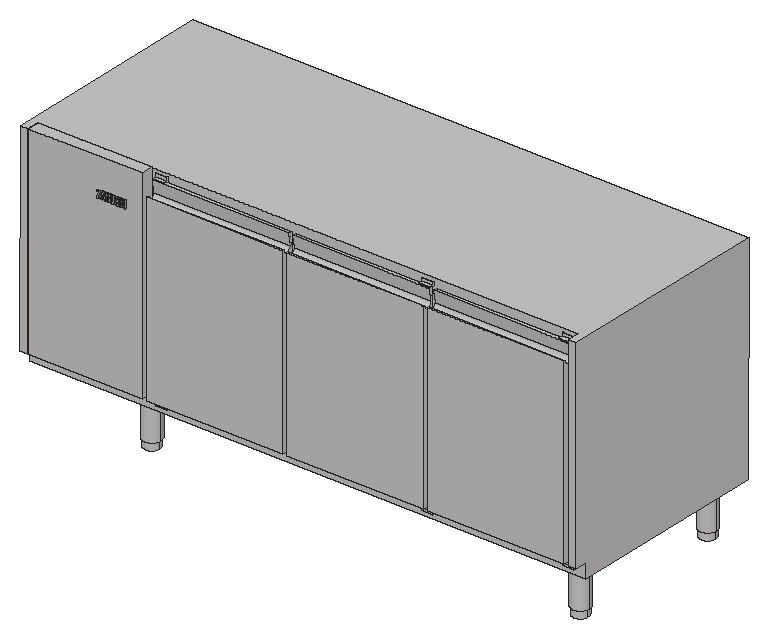
Revit family "QF_ZANUSSI_111036_ZH3H7AAA", category Specialty Equipment, Revit 2018
Family settings
  Round Connector Dimension = Use Diameter
  Part Type = Normal
  Work Plane-Based = No
  Always vertical = Yes
  Cut with Voids When Loaded = No
  Shared = No
  Room Calculation Point = No
Parameters
  Weight = 0.00 kg
  Watts = 0.0232258 W
  Volts = 220 V
  URL Manufacturer = "http://www.zanussiprofessional.com/"
  URL = "http://www.zanussiprofessional.com/"
  Steam Supply Size = 0 mm
  Steam Supply Minimum Pressure = 0.0 Pa
  Steam Supply Maximum Pressure = 0.0 Pa
  Steam Pounds per Hour = 0
  Show Logo [instance] = yes
  Show Clearance [instance] = yes
  Refrigeration Suction Line Size = 0 mm
  Refrigeration Liquid Line Size = 0 mm
  Refrigerant Compressor Remote = yes
  Manufacturer = "Zanussi"
  Phase = 1
  Model = "ZH3H7AAA"
  Length Actual = 1795 mm  # constant formula
  Item Number = "111036"
  Hot Water Size = 0 mm
  Height Actual = 850 mm  # constant formula
  HP = "0.3 HP"
  Gas Size = 0 mm
  Gas KW = 0
  Gas Input Pressure = 0 W
  Description = "3 DOORS REFRIGERATED TABLE 440L-NO TOP"
  Depth Actual = 700 mm  # constant formula
  Cycle = 50 Hz
  Condensate Return Size = 0 mm
  Compressed Air Volume = 0.0 L/s
  Compressed Air Size = 0 mm
  Compressed Air Pressure = 0.0 Pa
  Cold Water Size = 0 mm
  Accessory = yes
Reference planes
  plane 1 "Center X": y = 182.5
  plane 2: z = 0
  plane 3 "Center Y": x = -353.5
  plane 4: y = -62.5
  plane 5: y = 451.5
  plane 6 "BACK": y = 532.5
  plane 7 "FRONT": y = -167.5
  plane 8: x = -906
  plane 9: x = 478
  plane 10: z = 150
  plane 11 "TOP": z = 900
  plane 12: z = 850
  plane 13 "LEFT": x = -1251
  plane 14 "RIGHT": x = 544
Forms (mm)
  Extrusion 1, solid, material "QF_Finishes_Stainless Steel"
    sketch origin (-353.5, 2, 0) x (0, 1, 0) y (0, 0, 1)
      loop
        line (530.5, 150) -> (530.5, 850) -> (-124.5, 850) -> (-124.5, 150) -> (530.5, 150)
    from -897.5 to 897.5
  Extrusion 2, solid, material "QF_Finishes_Stainless Steel"
    sketch origin (-1022.223, -1524, 150) x (-1, 0, 0) y (0, -1, 0)
      loop
        line (228.777, -1361.5) -> (203.777, -1361.5) -> (203.777, -1401.5) -> (228.777, -1401.5) -> (228.777, -1361.5)
      loop
        line (-1566.223, -1401.5) -> (-1541.223, -1401.5) -> (-1541.223, -1361.5) -> (-1566.223, -1361.5) -> (-1566.223, -1401.5)
    from 47 to 700
  Extrusion 3, solid, material "QF_Finishes_Stainless Steel"
    sketch origin (0, 0, 900) x (-1, 0, 0) y (0, -1, 0)
      loop
        circle (170, -94.5) r 8.45
    from -790.577 to -750
  Extrusion 4, solid, material "QF_Finishes_Stainless Steel"
    sketch origin (0, 0, 0) x (1, 0, 0) y (0, 1, 0)
      loop
        circle (-1167, 451.5) r 4
    from 109.423 to 150
Cuts and joins
  joined: Extrusion 1, Extrusion 2
Lines and regions (mm)
  symbolic lines, style "SpecialityEquipmentHiddenLines"
    curve 1: line (-1251, -122.5, 900) -> (544, -122.5, 900)
    curve 2: line (-850, -162.5, 900) -> (-850, -122.5, 900)
    curve 3: line (-1251, 532.5, 900) -> (544, 532.5, 900)
    curve 4: line (-1251, 532.5, 900) -> (-1251, -162.5, 900)
    curve 5: line (-1251, -162.5, 900) -> (544, -162.5, 900)
    curve 6: line (544, -162.5, 900) -> (544, 532.5, 900)
Dimensions and locks
  locked: plane 6 "BACK" to plane 7 "FRONT" at 700
  equal spacing: plane 6 "BACK", plane 1 "Center X", plane 7 "FRONT"
  locked: plane 6 "BACK" to plane 5 at 81
  plane 10 to level = 150 mm
  plane 11 "TOP" to plane 12 to plane 10 = 50 mm locked, 700 mm locked
  locked: Extrusion 2 sketch curve to Extrusion 2 sketch curve at 25  (x2)
  locked: plane 4 to plane 7 "FRONT" at 105
  locked: plane 6 "BACK" to Extrusion 3 sketch curve at 438
  equal spacing: plane 13 "LEFT", plane 3 "Center Y", plane 14 "RIGHT"
  plane 13 "LEFT" to plane 14 "RIGHT" = 1795 mm
  locked: plane 13 "LEFT" to plane 8 at 345
  locked: plane 9 to plane 14 "RIGHT" at 66
  Extrusion 3 sketch curve to plane 14 "RIGHT" = 714 mm
  plane 13 "LEFT" to Extrusion 4 sketch curve = 84 mm
  locked: plane 6 "BACK" to Extrusion 4 sketch curve at 81
  locked: plane 10 to Extrusion 4 at 40.577
  aligned and locked: level to plane 2
  aligned and locked: plane 10 to Extrusion 3
  aligned and locked: nested 4 to plane 4
  aligned and locked: nested 1 to plane 4
  aligned and locked: nested 3 to plane 5
  aligned and locked: nested 2 to plane 5
  aligned and locked: plane 8 to nested 1
  aligned and locked: plane 8 to nested 2
  aligned and locked: plane 9 to nested 4
  aligned and locked: plane 9 to nested 3
  aligned and locked: Extrusion 1 to Extrusion 2
  aligned and locked: Extrusion 2 to Extrusion 1
  aligned and locked: Extrusion 2 sketch curve to plane 14 "RIGHT"
  aligned and locked: plane 13 "LEFT" to Extrusion 2 sketch curve
  aligned and locked: cut or joined group of Extrusion 1, Extrusion 2 to plane 10
  aligned and locked: plane 12 to cut or joined group of Extrusion 1, Extrusion 2
  aligned and locked: plane 10 to Extrusion 4
Automatic sketch dimensions
  curve 6 to plane 6 "BACK" = 0 mm
  curve 6 to plane 14 "RIGHT" = 0 mm
  plane 7 "FRONT" to curve 2 = 5 mm
  curve 5 to plane 13 "LEFT" = 0 mm
  plane 8 to curve 2 = 56 mm
  plane 7 "FRONT" to curve 1 = 45 mm
  Extrusion 1 sketch curve to plane 10 = 0 mm
  Extrusion 1 sketch curve to plane 12 = 0 mm
  Extrusion 1 sketch curve to plane 6 "BACK" = 0 mm
  plane 7 "FRONT" to Extrusion 1 sketch curve = 45 mm
  plane 7 "FRONT" to Extrusion 2 sketch curve = 45 mm  (x2)
  plane 7 "FRONT" to Extrusion 2 sketch curve = 5 mm  (x2)
  radius of Extrusion 3 sketch curve = 8.45 mm
  radius of Extrusion 4 sketch curve = 4 mm
Nested families
  nested 1: "Foot_Ø50_H150" at (-906, -62.5, 0), type "Foot_Ø50_H150"
  nested 2: "Foot_Ø50_H150" at (-906, 451.5, 0), type "Foot_Ø50_H150"
  nested 3: "Foot_Ø50_H150" at (478, 451.5, 0), type "Foot_Ø50_H150"
  nested 4: "Foot_Ø50_H150" at (478, -62.5, 0), type "Foot_Ø50_H150"
  nested 5: "Door" at (285, -164.5, 0), Show Clearance <- "Show Clearance", type "Door"
  nested 6: "Door" at (-169, -164.5, 0), Show Clearance <- "Show Clearance", type "Door"
  nested 7: "Refrigerator" at (544, -167.5, 900), type "Refrigerator"
  nested 8: "ZAN_Cooling Unit" at (-1041.5, -164.5, 0), Show Logo <- "Show Logo", type "ZAN_Cooling Unit"
  nested 9: "Door" at (-623, -164.5, 0) x (-1, 0, 0) z (0, 0, 1), Show Clearance <- "Show Clearance", type "Door"
Connectors
  electrical at (-1167, 451.5, 109.423), driven by "Volts"
    settings: on Extrusion 4, index 4, voltage 220 V, apparent load 0 VA, apparent load phase1 0 VA, apparent load phase2 0 VA, apparent load phase3 0 VA, power factor 1, load classification "Altro", number of poles 1, system type 30, power factor state 1, is connector primary yes, connector utility no, sub classification motor no, connector description "Electrical Connection"
  piping at (-170, 94.5, 109.423), diameter 17
    settings: on Extrusion 3, index 5, connector inside diameter 609.6 mm, connector length 0 mm, flow factor 0, pipe flow 0.0 L/s, pressure drop 0.0 Pa, fitting loss kfactor 0, connector angle 0.00°, fixture units 0, engagement length 0 mm, angle of deflection 0.00°, flow configuration 1, flow direction 2, fitting loss method 0, system type 16, joint type 0, gender type 0, connector reference index -1, connector utility 0, adjustable connector no, is connector primary yes, connector description "Drain"
Definition of nested family "Foot_Ø50_H150"
  Reference planes
    plane 1 "Centro (Fronte/Retro)": y = 0
    plane 2: z = 0
    plane 3 "Centro (Sinistra/Destra)": x = 0
    plane 4: z = 150
  Forms (mm)
    Revolve 1, solid
      sketch origin (255.05, 0, 608.09) x (0, 0, 1) y (-1, 0, 0)
        loop
          line (-608.09, 255.05) -> (-608.09, 230.05) -> (-583.09, 230.05) -> (-583.09, 226.05) -> (-458.09, 226.05) -> (-458.09, 255.05) -> (-608.09, 255.05)
        axis (-608.09, 255.05) -> (-458.09, 255.05)
      angle from 0 to 360
  Dimensions and locks
    locked: Revolve 1 sketch curve to Revolve 1 sketch curve at 125
    aligned and locked: level to plane 2
    aligned and locked: plane 4 to Revolve 1 sketch curve
    aligned and locked: Revolve 1 sketch curve to level
    aligned and locked: plane 3 "Centro (Sinistra/Destra)" to Revolve 1 sketch curve
Definition of nested family "Door"
  Parameters
    Show Clearance [instance] = yes
  Reference planes
    plane 1 "FRONT": y = -3
    plane 2: z = 0
    plane 3 "Centro (Sinistra/Destra)": x = 0
    plane 4: z = 150
    plane 5: z = 850
    plane 6: x = -234
    plane 7: x = 234
    plane 8: x = -220
    plane 9: x = 220
  Forms (mm)
    Extrusion 1, solid
      sketch origin (0, 53, 511) x (0, 0, 1) y (0, -1, 0)
        loop
          line (-323.003, 28.5) -> (-316.501, 28.5) -> (-316.501, 31) -> (-325.503, 31) -> (-325.503, 13.5) -> (-345.503, 13.5) -> (-345.503, 11) -> (-323.003, 11) -> (-323.003, 23.259) -> (-323.003, 28.5)
        loop
          line (-314, 27) -> (-316.501, 27) -> (-316.501, 18.501) -> (-319.752, 18.501) -> (-319.752, 16) -> (-314, 16) -> (-314, 27)
        loop
          line (315.003, 27) -> (315.003, 13.948) -> (315.003, 11) -> (327.503, 11) -> (327.503, 13.5) -> (317.503, 13.5) -> (317.503, 27) -> (315.003, 27)
      from 185 to 220
    Extrusion 2, solid, visible <- "Show Clearance", detail levels coarse
      sketch origin (0, 53, 511) x (0, -1, 0) y (1, 0, 0)
        loop
          line (51, 220) -> (51, -220)
          arc (51, -220) -> (339.234, -79.44) -> (454, 220) r 437.168
          line (454, 220) -> (51, 220)
      from -314 to 314
    Extrusion 3, solid
      sketch origin (0, 55, 511) x (0, 0, 1) y (0, -1, 0)
        loop
          line (314, 18) -> (314, 29) -> (274.395, 22.5)
          arc (274.395, 22.5) -> (260.395, 36.5) -> (274.395, 50.5) r 14
          line (274.395, 50.5) -> (274.395, 53) -> (-314, 53) -> (-314, 18) -> (314, 18)
      from -220 to 220
  Lines and regions (mm)
    symbolic lines
      curve 1: line (220, -3, 0) -> (220, -401, 0)
      curve 2: line (220, -401, 0) -> (185, -401, 0)
      curve 3: line (185, -401, 0) -> (185, -3, 0)
      curve 4: arc (-219.722, -3, 0) -> (-89.51, -275.368, 0) -> (185, -401, 0) r 442.855
  Dimensions and locks
    aligned and locked: level to plane 2
Definition of nested family "ZAN_Cooling Unit"
  Parameters
    Show Logo [instance] = yes
  Reference planes
    plane 1 "FRONT": y = -3
    plane 2: z = 0
    plane 3 "Centro (Sinistra/Destra)": x = 0
    plane 4: z = 150
    plane 5: z = 850
    plane 6: x = -184.5
    plane 7: x = 184.5
  Forms (mm)
    Extrusion 1, solid
      sketch origin (0, 55, 511) x (0, 0, 1) y (0, -1, 0)
        loop
          line (-314, 53) -> (-314, 13) -> (339, 13) -> (339, 53) -> (-314, 53)
      from -184.5 to 184.5
  Lines and regions (mm)
    Split face 1
      outline origin (0, 2, 197) x (0, 0, 1) y (-1, 0, 0)
        loop
          line (566.835, 184.5) -> (566.835, -184.5)
        loop
          line (521.835, 184.5) -> (521.835, -184.5)
    Split face 2
      outline origin (0, 2, 197) x (0, 0, 1) y (-1, 0, 0)
        loop
          arc (510.649, 158.547) -> (506.648, 162.548) -> (502.647, 158.547) r 4.001
          line (502.647, 158.547) -> (502.647, 116.535)
          arc (502.647, 116.535) -> (506.648, 112.533) -> (510.649, 116.535) r 4.001
          line (510.649, 116.535) -> (510.649, 158.547)
    Split face 3
      outline origin (0, 2, 184.996) x (0, 0, 1) y (-1, 0, 0)
        loop
          arc (510.649, 158.547) -> (506.648, 162.548) -> (502.647, 158.547) r 4.001
          line (502.647, 158.547) -> (502.647, 116.535)
          arc (502.647, 116.535) -> (506.648, 112.533) -> (510.649, 116.535) r 4.001
          line (510.649, 116.535) -> (510.649, 158.547)
    Split face 4
      outline origin (0, 2, 172.993) x (0, 0, 1) y (-1, 0, 0)
        loop
          arc (510.649, 158.547) -> (506.648, 162.548) -> (502.647, 158.547) r 4.001
          line (502.647, 158.547) -> (502.647, 116.535)
          arc (502.647, 116.535) -> (506.648, 112.533) -> (510.649, 116.535) r 4.001
          line (510.649, 116.535) -> (510.649, 158.547)
    Split face 5
      outline origin (0, 2, 160.989) x (0, 0, 1) y (-1, 0, 0)
        loop
          arc (510.649, 158.547) -> (506.648, 162.548) -> (502.647, 158.547) r 4.001
          line (502.647, 158.547) -> (502.647, 116.535)
          arc (502.647, 116.535) -> (506.648, 112.533) -> (510.649, 116.535) r 4.001
          line (510.649, 116.535) -> (510.649, 158.547)
    Split face 6
      outline origin (0, 2, 148.986) x (0, 0, 1) y (-1, 0, 0)
        loop
          arc (510.649, 158.547) -> (506.648, 162.548) -> (502.647, 158.547) r 4.001
          line (502.647, 158.547) -> (502.647, 116.535)
          arc (502.647, 116.535) -> (506.648, 112.533) -> (510.649, 116.535) r 4.001
          line (510.649, 116.535) -> (510.649, 158.547)
    Split face 7
      outline origin (0, 2, 136.982) x (0, 0, 1) y (-1, 0, 0)
        loop
          arc (510.649, 158.547) -> (506.648, 162.548) -> (502.647, 158.547) r 4.001
          line (502.647, 158.547) -> (502.647, 116.535)
          arc (502.647, 116.535) -> (506.648, 112.533) -> (510.649, 116.535) r 4.001
          line (510.649, 116.535) -> (510.649, 158.547)
    Split face 8
      outline origin (0, 2, 124.979) x (0, 0, 1) y (-1, 0, 0)
        loop
          arc (510.649, 158.547) -> (506.648, 162.548) -> (502.647, 158.547) r 4.001
          line (502.647, 158.547) -> (502.647, 116.535)
          arc (502.647, 116.535) -> (506.648, 112.533) -> (510.649, 116.535) r 4.001
          line (510.649, 116.535) -> (510.649, 158.547)
    Split face 9
      outline origin (0, 2, 112.975) x (0, 0, 1) y (-1, 0, 0)
        loop
          arc (510.649, 158.547) -> (506.648, 162.548) -> (502.647, 158.547) r 4.001
          line (502.647, 158.547) -> (502.647, 116.535)
          arc (502.647, 116.535) -> (506.648, 112.533) -> (510.649, 116.535) r 4.001
          line (510.649, 116.535) -> (510.649, 158.547)
    Split face 10
      outline origin (0, 2, 100.972) x (0, 0, 1) y (-1, 0, 0)
        loop
          arc (510.649, 158.547) -> (506.648, 162.548) -> (502.647, 158.547) r 4.001
          line (502.647, 158.547) -> (502.647, 116.535)
          arc (502.647, 116.535) -> (506.648, 112.533) -> (510.649, 116.535) r 4.001
          line (510.649, 116.535) -> (510.649, 158.547)
    Split face 11
      outline origin (0, 2, 88.968) x (0, 0, 1) y (-1, 0, 0)
        loop
          arc (510.649, 158.547) -> (506.648, 162.548) -> (502.647, 158.547) r 4.001
          line (502.647, 158.547) -> (502.647, 116.535)
          arc (502.647, 116.535) -> (506.648, 112.533) -> (510.649, 116.535) r 4.001
          line (510.649, 116.535) -> (510.649, 158.547)
    Split face 12
      outline origin (0, 2, 76.965) x (0, 0, 1) y (-1, 0, 0)
        loop
          arc (510.649, 158.547) -> (506.648, 162.548) -> (502.647, 158.547) r 4.001
          line (502.647, 158.547) -> (502.647, 116.535)
          arc (502.647, 116.535) -> (506.648, 112.533) -> (510.649, 116.535) r 4.001
          line (510.649, 116.535) -> (510.649, 158.547)
    Split face 13
      outline origin (0, 2, 64.961) x (0, 0, 1) y (-1, 0, 0)
        loop
          arc (510.649, 158.547) -> (506.648, 162.548) -> (502.647, 158.547) r 4.001
          line (502.647, 158.547) -> (502.647, 116.535)
          arc (502.647, 116.535) -> (506.648, 112.533) -> (510.649, 116.535) r 4.001
          line (510.649, 116.535) -> (510.649, 158.547)
    Split face 14
      outline origin (0, 2, 52.958) x (0, 0, 1) y (-1, 0, 0)
        loop
          arc (510.649, 158.547) -> (506.648, 162.548) -> (502.647, 158.547) r 4.001
          line (502.647, 158.547) -> (502.647, 116.535)
          arc (502.647, 116.535) -> (506.648, 112.533) -> (510.649, 116.535) r 4.001
          line (510.649, 116.535) -> (510.649, 158.547)
    Split face 15
      outline origin (0, 2, 40.954) x (0, 0, 1) y (-1, 0, 0)
        loop
          arc (510.649, 158.547) -> (506.648, 162.548) -> (502.647, 158.547) r 4.001
          line (502.647, 158.547) -> (502.647, 116.535)
          arc (502.647, 116.535) -> (506.648, 112.533) -> (510.649, 116.535) r 4.001
          line (510.649, 116.535) -> (510.649, 158.547)
    Split face 16
      outline origin (0, 2, 28.951) x (0, 0, 1) y (-1, 0, 0)
        loop
          arc (510.649, 158.547) -> (506.648, 162.548) -> (502.647, 158.547) r 4.001
          line (502.647, 158.547) -> (502.647, 116.535)
          arc (502.647, 116.535) -> (506.648, 112.533) -> (510.649, 116.535) r 4.001
          line (510.649, 116.535) -> (510.649, 158.547)
    Split face 17
      outline origin (0, 2, 16.947) x (0, 0, 1) y (-1, 0, 0)
        loop
          arc (510.649, 158.547) -> (506.648, 162.548) -> (502.647, 158.547) r 4.001
          line (502.647, 158.547) -> (502.647, 116.535)
          arc (502.647, 116.535) -> (506.648, 112.533) -> (510.649, 116.535) r 4.001
          line (510.649, 116.535) -> (510.649, 158.547)
    Split face 18
      outline origin (55.016, 2, 197) x (0, 0, 1) y (-1, 0, 0)
        loop
          arc (510.649, 158.547) -> (506.648, 162.548) -> (502.647, 158.547) r 4.001
          line (502.647, 158.547) -> (502.647, 116.535)
          arc (502.647, 116.535) -> (506.648, 112.533) -> (510.649, 116.535) r 4.001
          line (510.649, 116.535) -> (510.649, 158.547)
    Split face 19
      outline origin (55.016, 2, 184.996) x (0, 0, 1) y (-1, 0, 0)
        loop
          arc (510.649, 158.547) -> (506.648, 162.548) -> (502.647, 158.547) r 4.001
          line (502.647, 158.547) -> (502.647, 116.535)
          arc (502.647, 116.535) -> (506.648, 112.533) -> (510.649, 116.535) r 4.001
          line (510.649, 116.535) -> (510.649, 158.547)
    Split face 20
      outline origin (55.016, 2, 172.993) x (0, 0, 1) y (-1, 0, 0)
        loop
          arc (510.649, 158.547) -> (506.648, 162.548) -> (502.647, 158.547) r 4.001
          line (502.647, 158.547) -> (502.647, 116.535)
          arc (502.647, 116.535) -> (506.648, 112.533) -> (510.649, 116.535) r 4.001
          line (510.649, 116.535) -> (510.649, 158.547)
    Split face 21
      outline origin (55.016, 2, 160.989) x (0, 0, 1) y (-1, 0, 0)
        loop
          arc (510.649, 158.547) -> (506.648, 162.548) -> (502.647, 158.547) r 4.001
          line (502.647, 158.547) -> (502.647, 116.535)
          arc (502.647, 116.535) -> (506.648, 112.533) -> (510.649, 116.535) r 4.001
          line (510.649, 116.535) -> (510.649, 158.547)
    Split face 22
      outline origin (55.016, 2, 148.986) x (0, 0, 1) y (-1, 0, 0)
        loop
          arc (510.649, 158.547) -> (506.648, 162.548) -> (502.647, 158.547) r 4.001
          line (502.647, 158.547) -> (502.647, 116.535)
          arc (502.647, 116.535) -> (506.648, 112.533) -> (510.649, 116.535) r 4.001
          line (510.649, 116.535) -> (510.649, 158.547)
    Split face 23
      outline origin (55.016, 2, 136.982) x (0, 0, 1) y (-1, 0, 0)
        loop
          arc (510.649, 158.547) -> (506.648, 162.548) -> (502.647, 158.547) r 4.001
          line (502.647, 158.547) -> (502.647, 116.535)
          arc (502.647, 116.535) -> (506.648, 112.533) -> (510.649, 116.535) r 4.001
          line (510.649, 116.535) -> (510.649, 158.547)
    Split face 24
      outline origin (55.016, 2, 124.979) x (0, 0, 1) y (-1, 0, 0)
        loop
          arc (510.649, 158.547) -> (506.648, 162.548) -> (502.647, 158.547) r 4.001
          line (502.647, 158.547) -> (502.647, 116.535)
          arc (502.647, 116.535) -> (506.648, 112.533) -> (510.649, 116.535) r 4.001
          line (510.649, 116.535) -> (510.649, 158.547)
    Split face 25
      outline origin (55.016, 2, 112.975) x (0, 0, 1) y (-1, 0, 0)
        loop
          arc (510.649, 158.547) -> (506.648, 162.548) -> (502.647, 158.547) r 4.001
          line (502.647, 158.547) -> (502.647, 116.535)
          arc (502.647, 116.535) -> (506.648, 112.533) -> (510.649, 116.535) r 4.001
          line (510.649, 116.535) -> (510.649, 158.547)
    Split face 26
      outline origin (55.016, 2, 100.972) x (0, 0, 1) y (-1, 0, 0)
        loop
          arc (510.649, 158.547) -> (506.648, 162.548) -> (502.647, 158.547) r 4.001
          line (502.647, 158.547) -> (502.647, 116.535)
          arc (502.647, 116.535) -> (506.648, 112.533) -> (510.649, 116.535) r 4.001
          line (510.649, 116.535) -> (510.649, 158.547)
    Split face 27
      outline origin (55.016, 2, 88.968) x (0, 0, 1) y (-1, 0, 0)
        loop
          arc (510.649, 158.547) -> (506.648, 162.548) -> (502.647, 158.547) r 4.001
          line (502.647, 158.547) -> (502.647, 116.535)
          arc (502.647, 116.535) -> (506.648, 112.533) -> (510.649, 116.535) r 4.001
          line (510.649, 116.535) -> (510.649, 158.547)
    Split face 28
      outline origin (55.016, 2, 76.965) x (0, 0, 1) y (-1, 0, 0)
        loop
          arc (510.649, 158.547) -> (506.648, 162.548) -> (502.647, 158.547) r 4.001
          line (502.647, 158.547) -> (502.647, 116.535)
          arc (502.647, 116.535) -> (506.648, 112.533) -> (510.649, 116.535) r 4.001
          line (510.649, 116.535) -> (510.649, 158.547)
    Split face 29
      outline origin (55.016, 2, 64.961) x (0, 0, 1) y (-1, 0, 0)
        loop
          arc (510.649, 158.547) -> (506.648, 162.548) -> (502.647, 158.547) r 4.001
          line (502.647, 158.547) -> (502.647, 116.535)
          arc (502.647, 116.535) -> (506.648, 112.533) -> (510.649, 116.535) r 4.001
          line (510.649, 116.535) -> (510.649, 158.547)
    Split face 30
      outline origin (55.016, 2, 52.958) x (0, 0, 1) y (-1, 0, 0)
        loop
          arc (510.649, 158.547) -> (506.648, 162.548) -> (502.647, 158.547) r 4.001
          line (502.647, 158.547) -> (502.647, 116.535)
          arc (502.647, 116.535) -> (506.648, 112.533) -> (510.649, 116.535) r 4.001
          line (510.649, 116.535) -> (510.649, 158.547)
    Split face 31
      outline origin (55.016, 2, 40.954) x (0, 0, 1) y (-1, 0, 0)
        loop
          arc (510.649, 158.547) -> (506.648, 162.548) -> (502.647, 158.547) r 4.001
          line (502.647, 158.547) -> (502.647, 116.535)
          arc (502.647, 116.535) -> (506.648, 112.533) -> (510.649, 116.535) r 4.001
          line (510.649, 116.535) -> (510.649, 158.547)
    Split face 32
      outline origin (55.016, 2, 28.951) x (0, 0, 1) y (-1, 0, 0)
        loop
          arc (510.649, 158.547) -> (506.648, 162.548) -> (502.647, 158.547) r 4.001
          line (502.647, 158.547) -> (502.647, 116.535)
          arc (502.647, 116.535) -> (506.648, 112.533) -> (510.649, 116.535) r 4.001
          line (510.649, 116.535) -> (510.649, 158.547)
    Split face 33
      outline origin (55.016, 2, 16.947) x (0, 0, 1) y (-1, 0, 0)
        loop
          arc (510.649, 158.547) -> (506.648, 162.548) -> (502.647, 158.547) r 4.001
          line (502.647, 158.547) -> (502.647, 116.535)
          arc (502.647, 116.535) -> (506.648, 112.533) -> (510.649, 116.535) r 4.001
          line (510.649, 116.535) -> (510.649, 158.547)
    Split face 34
      outline origin (110.032, 2, 197) x (0, 0, 1) y (-1, 0, 0)
        loop
          arc (510.649, 158.547) -> (506.648, 162.548) -> (502.647, 158.547) r 4.001
          line (502.647, 158.547) -> (502.647, 116.535)
          arc (502.647, 116.535) -> (506.648, 112.533) -> (510.649, 116.535) r 4.001
          line (510.649, 116.535) -> (510.649, 158.547)
    Split face 35
      outline origin (110.032, 2, 184.996) x (0, 0, 1) y (-1, 0, 0)
        loop
          arc (510.649, 158.547) -> (506.648, 162.548) -> (502.647, 158.547) r 4.001
          line (502.647, 158.547) -> (502.647, 116.535)
          arc (502.647, 116.535) -> (506.648, 112.533) -> (510.649, 116.535) r 4.001
          line (510.649, 116.535) -> (510.649, 158.547)
    Split face 36
      outline origin (110.032, 2, 172.993) x (0, 0, 1) y (-1, 0, 0)
        loop
          arc (510.649, 158.547) -> (506.648, 162.548) -> (502.647, 158.547) r 4.001
          line (502.647, 158.547) -> (502.647, 116.535)
          arc (502.647, 116.535) -> (506.648, 112.533) -> (510.649, 116.535) r 4.001
          line (510.649, 116.535) -> (510.649, 158.547)
    Split face 37
      outline origin (110.032, 2, 160.989) x (0, 0, 1) y (-1, 0, 0)
        loop
          arc (510.649, 158.547) -> (506.648, 162.548) -> (502.647, 158.547) r 4.001
          line (502.647, 158.547) -> (502.647, 116.535)
          arc (502.647, 116.535) -> (506.648, 112.533) -> (510.649, 116.535) r 4.001
          line (510.649, 116.535) -> (510.649, 158.547)
    Split face 38
      outline origin (110.032, 2, 148.986) x (0, 0, 1) y (-1, 0, 0)
        loop
          arc (510.649, 158.547) -> (506.648, 162.548) -> (502.647, 158.547) r 4.001
          line (502.647, 158.547) -> (502.647, 116.535)
          arc (502.647, 116.535) -> (506.648, 112.533) -> (510.649, 116.535) r 4.001
          line (510.649, 116.535) -> (510.649, 158.547)
    Split face 39
      outline origin (110.032, 2, 136.982) x (0, 0, 1) y (-1, 0, 0)
        loop
          arc (510.649, 158.547) -> (506.648, 162.548) -> (502.647, 158.547) r 4.001
          line (502.647, 158.547) -> (502.647, 116.535)
          arc (502.647, 116.535) -> (506.648, 112.533) -> (510.649, 116.535) r 4.001
          line (510.649, 116.535) -> (510.649, 158.547)
    Split face 40
      outline origin (110.032, 2, 124.979) x (0, 0, 1) y (-1, 0, 0)
        loop
          arc (510.649, 158.547) -> (506.648, 162.548) -> (502.647, 158.547) r 4.001
          line (502.647, 158.547) -> (502.647, 116.535)
          arc (502.647, 116.535) -> (506.648, 112.533) -> (510.649, 116.535) r 4.001
          line (510.649, 116.535) -> (510.649, 158.547)
    Split face 41
      outline origin (110.032, 2, 112.975) x (0, 0, 1) y (-1, 0, 0)
        loop
          arc (510.649, 158.547) -> (506.648, 162.548) -> (502.647, 158.547) r 4.001
          line (502.647, 158.547) -> (502.647, 116.535)
          arc (502.647, 116.535) -> (506.648, 112.533) -> (510.649, 116.535) r 4.001
          line (510.649, 116.535) -> (510.649, 158.547)
    Split face 42
      outline origin (110.032, 2, 100.972) x (0, 0, 1) y (-1, 0, 0)
        loop
          arc (510.649, 158.547) -> (506.648, 162.548) -> (502.647, 158.547) r 4.001
          line (502.647, 158.547) -> (502.647, 116.535)
          arc (502.647, 116.535) -> (506.648, 112.533) -> (510.649, 116.535) r 4.001
          line (510.649, 116.535) -> (510.649, 158.547)
    Split face 43
      outline origin (110.032, 2, 88.968) x (0, 0, 1) y (-1, 0, 0)
        loop
          arc (510.649, 158.547) -> (506.648, 162.548) -> (502.647, 158.547) r 4.001
          line (502.647, 158.547) -> (502.647, 116.535)
          arc (502.647, 116.535) -> (506.648, 112.533) -> (510.649, 116.535) r 4.001
          line (510.649, 116.535) -> (510.649, 158.547)
    Split face 44
      outline origin (110.032, 2, 76.965) x (0, 0, 1) y (-1, 0, 0)
        loop
          arc (510.649, 158.547) -> (506.648, 162.548) -> (502.647, 158.547) r 4.001
          line (502.647, 158.547) -> (502.647, 116.535)
          arc (502.647, 116.535) -> (506.648, 112.533) -> (510.649, 116.535) r 4.001
          line (510.649, 116.535) -> (510.649, 158.547)
    Split face 45
      outline origin (110.032, 2, 64.961) x (0, 0, 1) y (-1, 0, 0)
        loop
          arc (510.649, 158.547) -> (506.648, 162.548) -> (502.647, 158.547) r 4.001
          line (502.647, 158.547) -> (502.647, 116.535)
          arc (502.647, 116.535) -> (506.648, 112.533) -> (510.649, 116.535) r 4.001
          line (510.649, 116.535) -> (510.649, 158.547)
    Split face 46
      outline origin (110.032, 2, 52.958) x (0, 0, 1) y (-1, 0, 0)
        loop
          arc (510.649, 158.547) -> (506.648, 162.548) -> (502.647, 158.547) r 4.001
          line (502.647, 158.547) -> (502.647, 116.535)
          arc (502.647, 116.535) -> (506.648, 112.533) -> (510.649, 116.535) r 4.001
          line (510.649, 116.535) -> (510.649, 158.547)
    Split face 47
      outline origin (110.032, 2, 40.954) x (0, 0, 1) y (-1, 0, 0)
        loop
          arc (510.649, 158.547) -> (506.648, 162.548) -> (502.647, 158.547) r 4.001
          line (502.647, 158.547) -> (502.647, 116.535)
          arc (502.647, 116.535) -> (506.648, 112.533) -> (510.649, 116.535) r 4.001
          line (510.649, 116.535) -> (510.649, 158.547)
    Split face 48
      outline origin (110.032, 2, 28.951) x (0, 0, 1) y (-1, 0, 0)
        loop
          arc (510.649, 158.547) -> (506.648, 162.548) -> (502.647, 158.547) r 4.001
          line (502.647, 158.547) -> (502.647, 116.535)
          arc (502.647, 116.535) -> (506.648, 112.533) -> (510.649, 116.535) r 4.001
          line (510.649, 116.535) -> (510.649, 158.547)
    Split face 49
      outline origin (110.032, 2, 16.947) x (0, 0, 1) y (-1, 0, 0)
        loop
          arc (510.649, 158.547) -> (506.648, 162.548) -> (502.647, 158.547) r 4.001
          line (502.647, 158.547) -> (502.647, 116.535)
          arc (502.647, 116.535) -> (506.648, 112.533) -> (510.649, 116.535) r 4.001
          line (510.649, 116.535) -> (510.649, 158.547)
    Split face 50
      outline origin (165.048, 2, 197) x (0, 0, 1) y (-1, 0, 0)
        loop
          arc (510.649, 158.547) -> (506.648, 162.548) -> (502.647, 158.547) r 4.001
          line (502.647, 158.547) -> (502.647, 116.535)
          arc (502.647, 116.535) -> (506.648, 112.533) -> (510.649, 116.535) r 4.001
          line (510.649, 116.535) -> (510.649, 158.547)
    Split face 51
      outline origin (165.048, 2, 184.996) x (0, 0, 1) y (-1, 0, 0)
        loop
          arc (510.649, 158.547) -> (506.648, 162.548) -> (502.647, 158.547) r 4.001
          line (502.647, 158.547) -> (502.647, 116.535)
          arc (502.647, 116.535) -> (506.648, 112.533) -> (510.649, 116.535) r 4.001
          line (510.649, 116.535) -> (510.649, 158.547)
    Split face 52
      outline origin (165.048, 2, 172.993) x (0, 0, 1) y (-1, 0, 0)
        loop
          arc (510.649, 158.547) -> (506.648, 162.548) -> (502.647, 158.547) r 4.001
          line (502.647, 158.547) -> (502.647, 116.535)
          arc (502.647, 116.535) -> (506.648, 112.533) -> (510.649, 116.535) r 4.001
          line (510.649, 116.535) -> (510.649, 158.547)
    Split face 53
      outline origin (165.048, 2, 160.989) x (0, 0, 1) y (-1, 0, 0)
        loop
          arc (510.649, 158.547) -> (506.648, 162.548) -> (502.647, 158.547) r 4.001
          line (502.647, 158.547) -> (502.647, 116.535)
          arc (502.647, 116.535) -> (506.648, 112.533) -> (510.649, 116.535) r 4.001
          line (510.649, 116.535) -> (510.649, 158.547)
    Split face 54
      outline origin (165.048, 2, 148.986) x (0, 0, 1) y (-1, 0, 0)
        loop
          arc (510.649, 158.547) -> (506.648, 162.548) -> (502.647, 158.547) r 4.001
          line (502.647, 158.547) -> (502.647, 116.535)
          arc (502.647, 116.535) -> (506.648, 112.533) -> (510.649, 116.535) r 4.001
          line (510.649, 116.535) -> (510.649, 158.547)
    Split face 55
      outline origin (165.048, 2, 136.982) x (0, 0, 1) y (-1, 0, 0)
        loop
          arc (510.649, 158.547) -> (506.648, 162.548) -> (502.647, 158.547) r 4.001
          line (502.647, 158.547) -> (502.647, 116.535)
          arc (502.647, 116.535) -> (506.648, 112.533) -> (510.649, 116.535) r 4.001
          line (510.649, 116.535) -> (510.649, 158.547)
    Split face 56
      outline origin (165.048, 2, 124.979) x (0, 0, 1) y (-1, 0, 0)
        loop
          arc (510.649, 158.547) -> (506.648, 162.548) -> (502.647, 158.547) r 4.001
          line (502.647, 158.547) -> (502.647, 116.535)
          arc (502.647, 116.535) -> (506.648, 112.533) -> (510.649, 116.535) r 4.001
          line (510.649, 116.535) -> (510.649, 158.547)
    Split face 57
      outline origin (165.048, 2, 112.975) x (0, 0, 1) y (-1, 0, 0)
        loop
          arc (510.649, 158.547) -> (506.648, 162.548) -> (502.647, 158.547) r 4.001
          line (502.647, 158.547) -> (502.647, 116.535)
          arc (502.647, 116.535) -> (506.648, 112.533) -> (510.649, 116.535) r 4.001
          line (510.649, 116.535) -> (510.649, 158.547)
    Split face 58
      outline origin (165.048, 2, 100.972) x (0, 0, 1) y (-1, 0, 0)
        loop
          arc (510.649, 158.547) -> (506.648, 162.548) -> (502.647, 158.547) r 4.001
          line (502.647, 158.547) -> (502.647, 116.535)
          arc (502.647, 116.535) -> (506.648, 112.533) -> (510.649, 116.535) r 4.001
          line (510.649, 116.535) -> (510.649, 158.547)
    Split face 59
      outline origin (165.048, 2, 88.968) x (0, 0, 1) y (-1, 0, 0)
        loop
          arc (510.649, 158.547) -> (506.648, 162.548) -> (502.647, 158.547) r 4.001
          line (502.647, 158.547) -> (502.647, 116.535)
          arc (502.647, 116.535) -> (506.648, 112.533) -> (510.649, 116.535) r 4.001
          line (510.649, 116.535) -> (510.649, 158.547)
    Split face 60
      outline origin (165.048, 2, 76.965) x (0, 0, 1) y (-1, 0, 0)
        loop
          arc (510.649, 158.547) -> (506.648, 162.548) -> (502.647, 158.547) r 4.001
          line (502.647, 158.547) -> (502.647, 116.535)
          arc (502.647, 116.535) -> (506.648, 112.533) -> (510.649, 116.535) r 4.001
          line (510.649, 116.535) -> (510.649, 158.547)
    Split face 61
      outline origin (165.048, 2, 64.961) x (0, 0, 1) y (-1, 0, 0)
        loop
          arc (510.649, 158.547) -> (506.648, 162.548) -> (502.647, 158.547) r 4.001
          line (502.647, 158.547) -> (502.647, 116.535)
          arc (502.647, 116.535) -> (506.648, 112.533) -> (510.649, 116.535) r 4.001
          line (510.649, 116.535) -> (510.649, 158.547)
    Split face 62
      outline origin (165.048, 2, 52.958) x (0, 0, 1) y (-1, 0, 0)
        loop
          arc (510.649, 158.547) -> (506.648, 162.548) -> (502.647, 158.547) r 4.001
          line (502.647, 158.547) -> (502.647, 116.535)
          arc (502.647, 116.535) -> (506.648, 112.533) -> (510.649, 116.535) r 4.001
          line (510.649, 116.535) -> (510.649, 158.547)
    Split face 63
      outline origin (165.048, 2, 40.954) x (0, 0, 1) y (-1, 0, 0)
        loop
          arc (510.649, 158.547) -> (506.648, 162.548) -> (502.647, 158.547) r 4.001
          line (502.647, 158.547) -> (502.647, 116.535)
          arc (502.647, 116.535) -> (506.648, 112.533) -> (510.649, 116.535) r 4.001
          line (510.649, 116.535) -> (510.649, 158.547)
    Split face 64
      outline origin (165.048, 2, 28.951) x (0, 0, 1) y (-1, 0, 0)
        loop
          arc (510.649, 158.547) -> (506.648, 162.548) -> (502.647, 158.547) r 4.001
          line (502.647, 158.547) -> (502.647, 116.535)
          arc (502.647, 116.535) -> (506.648, 112.533) -> (510.649, 116.535) r 4.001
          line (510.649, 116.535) -> (510.649, 158.547)
    Split face 65
      outline origin (165.048, 2, 16.947) x (0, 0, 1) y (-1, 0, 0)
        loop
          arc (510.649, 158.547) -> (506.648, 162.548) -> (502.647, 158.547) r 4.001
          line (502.647, 158.547) -> (502.647, 116.535)
          arc (502.647, 116.535) -> (506.648, 112.533) -> (510.649, 116.535) r 4.001
          line (510.649, 116.535) -> (510.649, 158.547)
    Split face 66
      outline origin (220.064, 2, 197) x (0, 0, 1) y (-1, 0, 0)
        loop
          arc (510.649, 158.547) -> (506.648, 162.548) -> (502.647, 158.547) r 4.001
          line (502.647, 158.547) -> (502.647, 116.535)
          arc (502.647, 116.535) -> (506.648, 112.533) -> (510.649, 116.535) r 4.001
          line (510.649, 116.535) -> (510.649, 158.547)
    Split face 67
      outline origin (220.064, 2, 184.996) x (0, 0, 1) y (-1, 0, 0)
        loop
          arc (510.649, 158.547) -> (506.648, 162.548) -> (502.647, 158.547) r 4.001
          line (502.647, 158.547) -> (502.647, 116.535)
          arc (502.647, 116.535) -> (506.648, 112.533) -> (510.649, 116.535) r 4.001
          line (510.649, 116.535) -> (510.649, 158.547)
    Split face 68
      outline origin (220.064, 2, 172.993) x (0, 0, 1) y (-1, 0, 0)
        loop
          arc (510.649, 158.547) -> (506.648, 162.548) -> (502.647, 158.547) r 4.001
          line (502.647, 158.547) -> (502.647, 116.535)
          arc (502.647, 116.535) -> (506.648, 112.533) -> (510.649, 116.535) r 4.001
          line (510.649, 116.535) -> (510.649, 158.547)
    Split face 69
      outline origin (220.064, 2, 160.989) x (0, 0, 1) y (-1, 0, 0)
        loop
          arc (510.649, 158.547) -> (506.648, 162.548) -> (502.647, 158.547) r 4.001
          line (502.647, 158.547) -> (502.647, 116.535)
          arc (502.647, 116.535) -> (506.648, 112.533) -> (510.649, 116.535) r 4.001
          line (510.649, 116.535) -> (510.649, 158.547)
    Split face 70
      outline origin (220.064, 2, 148.986) x (0, 0, 1) y (-1, 0, 0)
        loop
          arc (510.649, 158.547) -> (506.648, 162.548) -> (502.647, 158.547) r 4.001
          line (502.647, 158.547) -> (502.647, 116.535)
          arc (502.647, 116.535) -> (506.648, 112.533) -> (510.649, 116.535) r 4.001
          line (510.649, 116.535) -> (510.649, 158.547)
    Split face 71
      outline origin (220.064, 2, 136.982) x (0, 0, 1) y (-1, 0, 0)
        loop
          arc (510.649, 158.547) -> (506.648, 162.548) -> (502.647, 158.547) r 4.001
          line (502.647, 158.547) -> (502.647, 116.535)
          arc (502.647, 116.535) -> (506.648, 112.533) -> (510.649, 116.535) r 4.001
          line (510.649, 116.535) -> (510.649, 158.547)
    Split face 72
      outline origin (220.064, 2, 124.979) x (0, 0, 1) y (-1, 0, 0)
        loop
          arc (510.649, 158.547) -> (506.648, 162.548) -> (502.647, 158.547) r 4.001
          line (502.647, 158.547) -> (502.647, 116.535)
          arc (502.647, 116.535) -> (506.648, 112.533) -> (510.649, 116.535) r 4.001
          line (510.649, 116.535) -> (510.649, 158.547)
    Split face 73
      outline origin (220.064, 2, 112.975) x (0, 0, 1) y (-1, 0, 0)
        loop
          arc (510.649, 158.547) -> (506.648, 162.548) -> (502.647, 158.547) r 4.001
          line (502.647, 158.547) -> (502.647, 116.535)
          arc (502.647, 116.535) -> (506.648, 112.533) -> (510.649, 116.535) r 4.001
          line (510.649, 116.535) -> (510.649, 158.547)
    Split face 74
      outline origin (220.064, 2, 100.972) x (0, 0, 1) y (-1, 0, 0)
        loop
          arc (510.649, 158.547) -> (506.648, 162.548) -> (502.647, 158.547) r 4.001
          line (502.647, 158.547) -> (502.647, 116.535)
          arc (502.647, 116.535) -> (506.648, 112.533) -> (510.649, 116.535) r 4.001
          line (510.649, 116.535) -> (510.649, 158.547)
    Split face 75
      outline origin (220.064, 2, 88.968) x (0, 0, 1) y (-1, 0, 0)
        loop
          arc (510.649, 158.547) -> (506.648, 162.548) -> (502.647, 158.547) r 4.001
          line (502.647, 158.547) -> (502.647, 116.535)
          arc (502.647, 116.535) -> (506.648, 112.533) -> (510.649, 116.535) r 4.001
          line (510.649, 116.535) -> (510.649, 158.547)
    Split face 76
      outline origin (220.064, 2, 76.965) x (0, 0, 1) y (-1, 0, 0)
        loop
          arc (510.649, 158.547) -> (506.648, 162.548) -> (502.647, 158.547) r 4.001
          line (502.647, 158.547) -> (502.647, 116.535)
          arc (502.647, 116.535) -> (506.648, 112.533) -> (510.649, 116.535) r 4.001
          line (510.649, 116.535) -> (510.649, 158.547)
    Split face 77
      outline origin (220.064, 2, 64.961) x (0, 0, 1) y (-1, 0, 0)
        loop
          arc (510.649, 158.547) -> (506.648, 162.548) -> (502.647, 158.547) r 4.001
          line (502.647, 158.547) -> (502.647, 116.535)
          arc (502.647, 116.535) -> (506.648, 112.533) -> (510.649, 116.535) r 4.001
          line (510.649, 116.535) -> (510.649, 158.547)
    Split face 78
      outline origin (220.064, 2, 52.958) x (0, 0, 1) y (-1, 0, 0)
        loop
          arc (510.649, 158.547) -> (506.648, 162.548) -> (502.647, 158.547) r 4.001
          line (502.647, 158.547) -> (502.647, 116.535)
          arc (502.647, 116.535) -> (506.648, 112.533) -> (510.649, 116.535) r 4.001
          line (510.649, 116.535) -> (510.649, 158.547)
    Split face 79
      outline origin (220.064, 2, 40.954) x (0, 0, 1) y (-1, 0, 0)
        loop
          arc (510.649, 158.547) -> (506.648, 162.548) -> (502.647, 158.547) r 4.001
          line (502.647, 158.547) -> (502.647, 116.535)
          arc (502.647, 116.535) -> (506.648, 112.533) -> (510.649, 116.535) r 4.001
          line (510.649, 116.535) -> (510.649, 158.547)
    Split face 80
      outline origin (220.064, 2, 28.951) x (0, 0, 1) y (-1, 0, 0)
        loop
          arc (510.649, 158.547) -> (506.648, 162.548) -> (502.647, 158.547) r 4.001
          line (502.647, 158.547) -> (502.647, 116.535)
          arc (502.647, 116.535) -> (506.648, 112.533) -> (510.649, 116.535) r 4.001
          line (510.649, 116.535) -> (510.649, 158.547)
    Split face 81
      outline origin (220.064, 2, 16.947) x (0, 0, 1) y (-1, 0, 0)
        loop
          arc (510.649, 158.547) -> (506.648, 162.548) -> (502.647, 158.547) r 4.001
          line (502.647, 158.547) -> (502.647, 116.535)
          arc (502.647, 116.535) -> (506.648, 112.533) -> (510.649, 116.535) r 4.001
          line (510.649, 116.535) -> (510.649, 158.547)
    Split face 82
      outline origin (275.081, 2, 197) x (0, 0, 1) y (-1, 0, 0)
        loop
          arc (510.649, 158.547) -> (506.648, 162.548) -> (502.647, 158.547) r 4.001
          line (502.647, 158.547) -> (502.647, 116.535)
          arc (502.647, 116.535) -> (506.648, 112.533) -> (510.649, 116.535) r 4.001
          line (510.649, 116.535) -> (510.649, 158.547)
    Split face 83
      outline origin (275.081, 2, 184.996) x (0, 0, 1) y (-1, 0, 0)
        loop
          arc (510.649, 158.547) -> (506.648, 162.548) -> (502.647, 158.547) r 4.001
          line (502.647, 158.547) -> (502.647, 116.535)
          arc (502.647, 116.535) -> (506.648, 112.533) -> (510.649, 116.535) r 4.001
          line (510.649, 116.535) -> (510.649, 158.547)
    Split face 84
      outline origin (275.081, 2, 172.993) x (0, 0, 1) y (-1, 0, 0)
        loop
          arc (510.649, 158.547) -> (506.648, 162.548) -> (502.647, 158.547) r 4.001
          line (502.647, 158.547) -> (502.647, 116.535)
          arc (502.647, 116.535) -> (506.648, 112.533) -> (510.649, 116.535) r 4.001
          line (510.649, 116.535) -> (510.649, 158.547)
    Split face 85
      outline origin (275.081, 2, 160.989) x (0, 0, 1) y (-1, 0, 0)
        loop
          arc (510.649, 158.547) -> (506.648, 162.548) -> (502.647, 158.547) r 4.001
          line (502.647, 158.547) -> (502.647, 116.535)
          arc (502.647, 116.535) -> (506.648, 112.533) -> (510.649, 116.535) r 4.001
          line (510.649, 116.535) -> (510.649, 158.547)
    Split face 86
      outline origin (275.081, 2, 148.986) x (0, 0, 1) y (-1, 0, 0)
        loop
          arc (510.649, 158.547) -> (506.648, 162.548) -> (502.647, 158.547) r 4.001
          line (502.647, 158.547) -> (502.647, 116.535)
          arc (502.647, 116.535) -> (506.648, 112.533) -> (510.649, 116.535) r 4.001
          line (510.649, 116.535) -> (510.649, 158.547)
    Split face 87
      outline origin (275.081, 2, 136.982) x (0, 0, 1) y (-1, 0, 0)
        loop
          arc (510.649, 158.547) -> (506.648, 162.548) -> (502.647, 158.547) r 4.001
          line (502.647, 158.547) -> (502.647, 116.535)
          arc (502.647, 116.535) -> (506.648, 112.533) -> (510.649, 116.535) r 4.001
          line (510.649, 116.535) -> (510.649, 158.547)
    Split face 88
      outline origin (275.081, 2, 124.979) x (0, 0, 1) y (-1, 0, 0)
        loop
          arc (510.649, 158.547) -> (506.648, 162.548) -> (502.647, 158.547) r 4.001
          line (502.647, 158.547) -> (502.647, 116.535)
          arc (502.647, 116.535) -> (506.648, 112.533) -> (510.649, 116.535) r 4.001
          line (510.649, 116.535) -> (510.649, 158.547)
    Split face 89
      outline origin (275.081, 2, 112.975) x (0, 0, 1) y (-1, 0, 0)
        loop
          arc (510.649, 158.547) -> (506.648, 162.548) -> (502.647, 158.547) r 4.001
          line (502.647, 158.547) -> (502.647, 116.535)
          arc (502.647, 116.535) -> (506.648, 112.533) -> (510.649, 116.535) r 4.001
          line (510.649, 116.535) -> (510.649, 158.547)
    Split face 90
      outline origin (275.081, 2, 100.972) x (0, 0, 1) y (-1, 0, 0)
        loop
          arc (510.649, 158.547) -> (506.648, 162.548) -> (502.647, 158.547) r 4.001
          line (502.647, 158.547) -> (502.647, 116.535)
          arc (502.647, 116.535) -> (506.648, 112.533) -> (510.649, 116.535) r 4.001
          line (510.649, 116.535) -> (510.649, 158.547)
    Split face 91
      outline origin (275.081, 2, 88.968) x (0, 0, 1) y (-1, 0, 0)
        loop
          arc (510.649, 158.547) -> (506.648, 162.548) -> (502.647, 158.547) r 4.001
          line (502.647, 158.547) -> (502.647, 116.535)
          arc (502.647, 116.535) -> (506.648, 112.533) -> (510.649, 116.535) r 4.001
          line (510.649, 116.535) -> (510.649, 158.547)
    Split face 92
      outline origin (275.081, 2, 76.965) x (0, 0, 1) y (-1, 0, 0)
        loop
          arc (510.649, 158.547) -> (506.648, 162.548) -> (502.647, 158.547) r 4.001
          line (502.647, 158.547) -> (502.647, 116.535)
          arc (502.647, 116.535) -> (506.648, 112.533) -> (510.649, 116.535) r 4.001
          line (510.649, 116.535) -> (510.649, 158.547)
    Split face 93
      outline origin (275.081, 2, 64.961) x (0, 0, 1) y (-1, 0, 0)
        loop
          arc (510.649, 158.547) -> (506.648, 162.548) -> (502.647, 158.547) r 4.001
          line (502.647, 158.547) -> (502.647, 116.535)
          arc (502.647, 116.535) -> (506.648, 112.533) -> (510.649, 116.535) r 4.001
          line (510.649, 116.535) -> (510.649, 158.547)
    Split face 94
      outline origin (275.081, 2, 52.958) x (0, 0, 1) y (-1, 0, 0)
        loop
          arc (510.649, 158.547) -> (506.648, 162.548) -> (502.647, 158.547) r 4.001
          line (502.647, 158.547) -> (502.647, 116.535)
          arc (502.647, 116.535) -> (506.648, 112.533) -> (510.649, 116.535) r 4.001
          line (510.649, 116.535) -> (510.649, 158.547)
    Split face 95
      outline origin (275.081, 2, 40.954) x (0, 0, 1) y (-1, 0, 0)
        loop
          arc (510.649, 158.547) -> (506.648, 162.548) -> (502.647, 158.547) r 4.001
          line (502.647, 158.547) -> (502.647, 116.535)
          arc (502.647, 116.535) -> (506.648, 112.533) -> (510.649, 116.535) r 4.001
          line (510.649, 116.535) -> (510.649, 158.547)
    Split face 96
      outline origin (275.081, 2, 28.951) x (0, 0, 1) y (-1, 0, 0)
        loop
          arc (510.649, 158.547) -> (506.648, 162.548) -> (502.647, 158.547) r 4.001
          line (502.647, 158.547) -> (502.647, 116.535)
          arc (502.647, 116.535) -> (506.648, 112.533) -> (510.649, 116.535) r 4.001
          line (510.649, 116.535) -> (510.649, 158.547)
    Split face 97
      outline origin (275.081, 2, 16.947) x (0, 0, 1) y (-1, 0, 0)
        loop
          arc (510.649, 158.547) -> (506.648, 162.548) -> (502.647, 158.547) r 4.001
          line (502.647, 158.547) -> (502.647, 116.535)
          arc (502.647, 116.535) -> (506.648, 112.533) -> (510.649, 116.535) r 4.001
          line (510.649, 116.535) -> (510.649, 158.547)
    Split face 98
      outline origin (0, 2, -113.091) x (0, 0, 1) y (-1, 0, 0)
        loop
          arc (510.649, 158.547) -> (506.648, 162.548) -> (502.647, 158.547) r 4.001
          line (502.647, 158.547) -> (502.647, 116.535)
          arc (502.647, 116.535) -> (506.648, 112.533) -> (510.649, 116.535) r 4.001
          line (510.649, 116.535) -> (510.649, 158.547)
    Split face 99
      outline origin (0, 2, -125.094) x (0, 0, 1) y (-1, 0, 0)
        loop
          arc (510.649, 158.547) -> (506.648, 162.548) -> (502.647, 158.547) r 4.001
          line (502.647, 158.547) -> (502.647, 116.535)
          arc (502.647, 116.535) -> (506.648, 112.533) -> (510.649, 116.535) r 4.001
          line (510.649, 116.535) -> (510.649, 158.547)
    Split face 100
      outline origin (0, 2, -137.098) x (0, 0, 1) y (-1, 0, 0)
        loop
          arc (510.649, 158.547) -> (506.648, 162.548) -> (502.647, 158.547) r 4.001
          line (502.647, 158.547) -> (502.647, 116.535)
          arc (502.647, 116.535) -> (506.648, 112.533) -> (510.649, 116.535) r 4.001
          line (510.649, 116.535) -> (510.649, 158.547)
    Split face 101
      outline origin (0, 2, -149.101) x (0, 0, 1) y (-1, 0, 0)
        loop
          arc (510.649, 158.547) -> (506.648, 162.548) -> (502.647, 158.547) r 4.001
          line (502.647, 158.547) -> (502.647, 116.535)
          arc (502.647, 116.535) -> (506.648, 112.533) -> (510.649, 116.535) r 4.001
          line (510.649, 116.535) -> (510.649, 158.547)
    Split face 102
      outline origin (0, 2, -161.105) x (0, 0, 1) y (-1, 0, 0)
        loop
          arc (510.649, 158.547) -> (506.648, 162.548) -> (502.647, 158.547) r 4.001
          line (502.647, 158.547) -> (502.647, 116.535)
          arc (502.647, 116.535) -> (506.648, 112.533) -> (510.649, 116.535) r 4.001
          line (510.649, 116.535) -> (510.649, 158.547)
    Split face 103
      outline origin (0, 2, -173.108) x (0, 0, 1) y (-1, 0, 0)
        loop
          arc (510.649, 158.547) -> (506.648, 162.548) -> (502.647, 158.547) r 4.001
          line (502.647, 158.547) -> (502.647, 116.535)
          arc (502.647, 116.535) -> (506.648, 112.533) -> (510.649, 116.535) r 4.001
          line (510.649, 116.535) -> (510.649, 158.547)
    Split face 104
      outline origin (0, 2, -185.112) x (0, 0, 1) y (-1, 0, 0)
        loop
          arc (510.649, 158.547) -> (506.648, 162.548) -> (502.647, 158.547) r 4.001
          line (502.647, 158.547) -> (502.647, 116.535)
          arc (502.647, 116.535) -> (506.648, 112.533) -> (510.649, 116.535) r 4.001
          line (510.649, 116.535) -> (510.649, 158.547)
    Split face 105
      outline origin (0, 2, -197.115) x (0, 0, 1) y (-1, 0, 0)
        loop
          arc (510.649, 158.547) -> (506.648, 162.548) -> (502.647, 158.547) r 4.001
          line (502.647, 158.547) -> (502.647, 116.535)
          arc (502.647, 116.535) -> (506.648, 112.533) -> (510.649, 116.535) r 4.001
          line (510.649, 116.535) -> (510.649, 158.547)
    Split face 106
      outline origin (0, 2, -209.119) x (0, 0, 1) y (-1, 0, 0)
        loop
          arc (510.649, 158.547) -> (506.648, 162.548) -> (502.647, 158.547) r 4.001
          line (502.647, 158.547) -> (502.647, 116.535)
          arc (502.647, 116.535) -> (506.648, 112.533) -> (510.649, 116.535) r 4.001
          line (510.649, 116.535) -> (510.649, 158.547)
    Split face 107
      outline origin (0, 2, -221.122) x (0, 0, 1) y (-1, 0, 0)
        loop
          arc (510.649, 158.547) -> (506.648, 162.548) -> (502.647, 158.547) r 4.001
          line (502.647, 158.547) -> (502.647, 116.535)
          arc (502.647, 116.535) -> (506.648, 112.533) -> (510.649, 116.535) r 4.001
          line (510.649, 116.535) -> (510.649, 158.547)
    Split face 108
      outline origin (0, 2, -233.126) x (0, 0, 1) y (-1, 0, 0)
        loop
          arc (510.649, 158.547) -> (506.648, 162.548) -> (502.647, 158.547) r 4.001
          line (502.647, 158.547) -> (502.647, 116.535)
          arc (502.647, 116.535) -> (506.648, 112.533) -> (510.649, 116.535) r 4.001
          line (510.649, 116.535) -> (510.649, 158.547)
    Split face 109
      outline origin (0, 2, -245.129) x (0, 0, 1) y (-1, 0, 0)
        loop
          arc (510.649, 158.547) -> (506.648, 162.548) -> (502.647, 158.547) r 4.001
          line (502.647, 158.547) -> (502.647, 116.535)
          arc (502.647, 116.535) -> (506.648, 112.533) -> (510.649, 116.535) r 4.001
          line (510.649, 116.535) -> (510.649, 158.547)
    Split face 110
      outline origin (0, 2, -257.133) x (0, 0, 1) y (-1, 0, 0)
        loop
          arc (510.649, 158.547) -> (506.648, 162.548) -> (502.647, 158.547) r 4.001
          line (502.647, 158.547) -> (502.647, 116.535)
          arc (502.647, 116.535) -> (506.648, 112.533) -> (510.649, 116.535) r 4.001
          line (510.649, 116.535) -> (510.649, 158.547)
    Split face 111
      outline origin (0, 2, -269.136) x (0, 0, 1) y (-1, 0, 0)
        loop
          arc (510.649, 158.547) -> (506.648, 162.548) -> (502.647, 158.547) r 4.001
          line (502.647, 158.547) -> (502.647, 116.535)
          arc (502.647, 116.535) -> (506.648, 112.533) -> (510.649, 116.535) r 4.001
          line (510.649, 116.535) -> (510.649, 158.547)
    Split face 112
      outline origin (0, 2, -281.14) x (0, 0, 1) y (-1, 0, 0)
        loop
          arc (510.649, 158.547) -> (506.648, 162.548) -> (502.647, 158.547) r 4.001
          line (502.647, 158.547) -> (502.647, 116.535)
          arc (502.647, 116.535) -> (506.648, 112.533) -> (510.649, 116.535) r 4.001
          line (510.649, 116.535) -> (510.649, 158.547)
    Split face 113
      outline origin (0, 2, -293.144) x (0, 0, 1) y (-1, 0, 0)
        loop
          arc (510.649, 158.547) -> (506.648, 162.548) -> (502.647, 158.547) r 4.001
          line (502.647, 158.547) -> (502.647, 116.535)
          arc (502.647, 116.535) -> (506.648, 112.533) -> (510.649, 116.535) r 4.001
          line (510.649, 116.535) -> (510.649, 158.547)
    Split face 114
      outline origin (55.016, 2, -113.091) x (0, 0, 1) y (-1, 0, 0)
        loop
          arc (510.649, 158.547) -> (506.648, 162.548) -> (502.647, 158.547) r 4.001
          line (502.647, 158.547) -> (502.647, 116.535)
          arc (502.647, 116.535) -> (506.648, 112.533) -> (510.649, 116.535) r 4.001
          line (510.649, 116.535) -> (510.649, 158.547)
    Split face 115
      outline origin (55.016, 2, -125.094) x (0, 0, 1) y (-1, 0, 0)
        loop
          arc (510.649, 158.547) -> (506.648, 162.548) -> (502.647, 158.547) r 4.001
          line (502.647, 158.547) -> (502.647, 116.535)
          arc (502.647, 116.535) -> (506.648, 112.533) -> (510.649, 116.535) r 4.001
          line (510.649, 116.535) -> (510.649, 158.547)
    Split face 116
      outline origin (55.016, 2, -137.098) x (0, 0, 1) y (-1, 0, 0)
        loop
          arc (510.649, 158.547) -> (506.648, 162.548) -> (502.647, 158.547) r 4.001
          line (502.647, 158.547) -> (502.647, 116.535)
          arc (502.647, 116.535) -> (506.648, 112.533) -> (510.649, 116.535) r 4.001
          line (510.649, 116.535) -> (510.649, 158.547)
    Split face 117
      outline origin (55.016, 2, -149.101) x (0, 0, 1) y (-1, 0, 0)
        loop
          arc (510.649, 158.547) -> (506.648, 162.548) -> (502.647, 158.547) r 4.001
          line (502.647, 158.547) -> (502.647, 116.535)
          arc (502.647, 116.535) -> (506.648, 112.533) -> (510.649, 116.535) r 4.001
          line (510.649, 116.535) -> (510.649, 158.547)
    Split face 118
      outline origin (55.016, 2, -161.105) x (0, 0, 1) y (-1, 0, 0)
        loop
          arc (510.649, 158.547) -> (506.648, 162.548) -> (502.647, 158.547) r 4.001
          line (502.647, 158.547) -> (502.647, 116.535)
          arc (502.647, 116.535) -> (506.648, 112.533) -> (510.649, 116.535) r 4.001
          line (510.649, 116.535) -> (510.649, 158.547)
    Split face 119
      outline origin (55.016, 2, -173.108) x (0, 0, 1) y (-1, 0, 0)
        loop
          arc (510.649, 158.547) -> (506.648, 162.548) -> (502.647, 158.547) r 4.001
          line (502.647, 158.547) -> (502.647, 116.535)
          arc (502.647, 116.535) -> (506.648, 112.533) -> (510.649, 116.535) r 4.001
          line (510.649, 116.535) -> (510.649, 158.547)
    Split face 120
      outline origin (55.016, 2, -185.112) x (0, 0, 1) y (-1, 0, 0)
        loop
          arc (510.649, 158.547) -> (506.648, 162.548) -> (502.647, 158.547) r 4.001
          line (502.647, 158.547) -> (502.647, 116.535)
          arc (502.647, 116.535) -> (506.648, 112.533) -> (510.649, 116.535) r 4.001
          line (510.649, 116.535) -> (510.649, 158.547)
    Split face 121
      outline origin (55.016, 2, -197.115) x (0, 0, 1) y (-1, 0, 0)
        loop
          arc (510.649, 158.547) -> (506.648, 162.548) -> (502.647, 158.547) r 4.001
          line (502.647, 158.547) -> (502.647, 116.535)
          arc (502.647, 116.535) -> (506.648, 112.533) -> (510.649, 116.535) r 4.001
          line (510.649, 116.535) -> (510.649, 158.547)
    Split face 122
      outline origin (55.016, 2, -209.119) x (0, 0, 1) y (-1, 0, 0)
        loop
          arc (510.649, 158.547) -> (506.648, 162.548) -> (502.647, 158.547) r 4.001
          line (502.647, 158.547) -> (502.647, 116.535)
          arc (502.647, 116.535) -> (506.648, 112.533) -> (510.649, 116.535) r 4.001
          line (510.649, 116.535) -> (510.649, 158.547)
    Split face 123
      outline origin (55.016, 2, -221.122) x (0, 0, 1) y (-1, 0, 0)
        loop
          arc (510.649, 158.547) -> (506.648, 162.548) -> (502.647, 158.547) r 4.001
          line (502.647, 158.547) -> (502.647, 116.535)
          arc (502.647, 116.535) -> (506.648, 112.533) -> (510.649, 116.535) r 4.001
          line (510.649, 116.535) -> (510.649, 158.547)
    Split face 124
      outline origin (55.016, 2, -233.126) x (0, 0, 1) y (-1, 0, 0)
        loop
          arc (510.649, 158.547) -> (506.648, 162.548) -> (502.647, 158.547) r 4.001
          line (502.647, 158.547) -> (502.647, 116.535)
          arc (502.647, 116.535) -> (506.648, 112.533) -> (510.649, 116.535) r 4.001
          line (510.649, 116.535) -> (510.649, 158.547)
    Split face 125
      outline origin (55.016, 2, -245.129) x (0, 0, 1) y (-1, 0, 0)
        loop
          arc (510.649, 158.547) -> (506.648, 162.548) -> (502.647, 158.547) r 4.001
          line (502.647, 158.547) -> (502.647, 116.535)
          arc (502.647, 116.535) -> (506.648, 112.533) -> (510.649, 116.535) r 4.001
          line (510.649, 116.535) -> (510.649, 158.547)
    Split face 126
      outline origin (55.016, 2, -257.133) x (0, 0, 1) y (-1, 0, 0)
        loop
          arc (510.649, 158.547) -> (506.648, 162.548) -> (502.647, 158.547) r 4.001
          line (502.647, 158.547) -> (502.647, 116.535)
          arc (502.647, 116.535) -> (506.648, 112.533) -> (510.649, 116.535) r 4.001
          line (510.649, 116.535) -> (510.649, 158.547)
    Split face 127
      outline origin (55.016, 2, -269.136) x (0, 0, 1) y (-1, 0, 0)
        loop
          arc (510.649, 158.547) -> (506.648, 162.548) -> (502.647, 158.547) r 4.001
          line (502.647, 158.547) -> (502.647, 116.535)
          arc (502.647, 116.535) -> (506.648, 112.533) -> (510.649, 116.535) r 4.001
          line (510.649, 116.535) -> (510.649, 158.547)
    Split face 128
      outline origin (55.016, 2, -281.14) x (0, 0, 1) y (-1, 0, 0)
        loop
          arc (510.649, 158.547) -> (506.648, 162.548) -> (502.647, 158.547) r 4.001
          line (502.647, 158.547) -> (502.647, 116.535)
          arc (502.647, 116.535) -> (506.648, 112.533) -> (510.649, 116.535) r 4.001
          line (510.649, 116.535) -> (510.649, 158.547)
    Split face 129
      outline origin (55.016, 2, -293.144) x (0, 0, 1) y (-1, 0, 0)
        loop
          arc (510.649, 158.547) -> (506.648, 162.548) -> (502.647, 158.547) r 4.001
          line (502.647, 158.547) -> (502.647, 116.535)
          arc (502.647, 116.535) -> (506.648, 112.533) -> (510.649, 116.535) r 4.001
          line (510.649, 116.535) -> (510.649, 158.547)
    Split face 130
      outline origin (110.032, 2, -113.091) x (0, 0, 1) y (-1, 0, 0)
        loop
          arc (510.649, 158.547) -> (506.648, 162.548) -> (502.647, 158.547) r 4.001
          line (502.647, 158.547) -> (502.647, 116.535)
          arc (502.647, 116.535) -> (506.648, 112.533) -> (510.649, 116.535) r 4.001
          line (510.649, 116.535) -> (510.649, 158.547)
    Split face 131
      outline origin (110.032, 2, -125.094) x (0, 0, 1) y (-1, 0, 0)
        loop
          arc (510.649, 158.547) -> (506.648, 162.548) -> (502.647, 158.547) r 4.001
          line (502.647, 158.547) -> (502.647, 116.535)
          arc (502.647, 116.535) -> (506.648, 112.533) -> (510.649, 116.535) r 4.001
          line (510.649, 116.535) -> (510.649, 158.547)
    Split face 132
      outline origin (110.032, 2, -137.098) x (0, 0, 1) y (-1, 0, 0)
        loop
          arc (510.649, 158.547) -> (506.648, 162.548) -> (502.647, 158.547) r 4.001
          line (502.647, 158.547) -> (502.647, 116.535)
